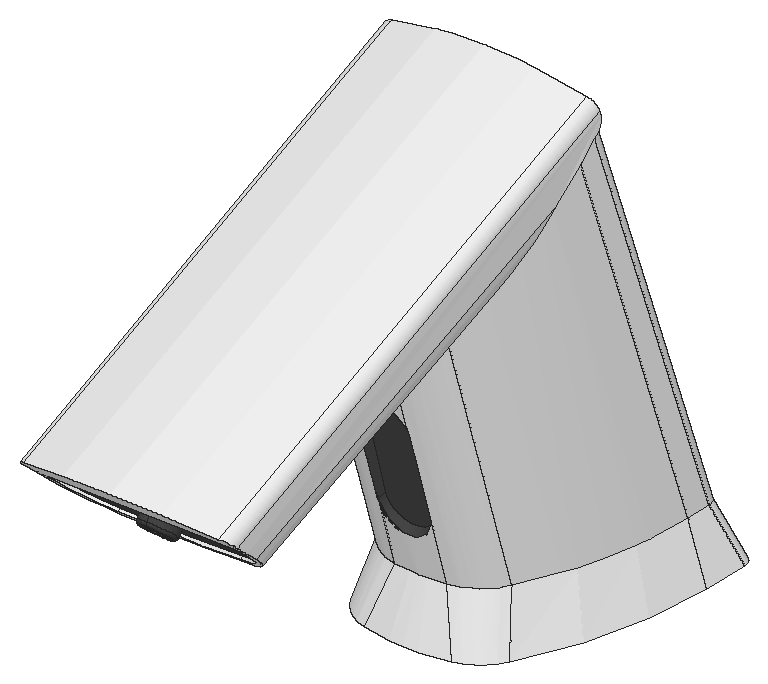
Revit family "XSoap_Dispenser-Sloan-Optima-BASYS-ESD-400_Series", category Specialty Equipment, Revit 2014
Parameters (values of type "ESD-400A CP")
  Width = 2 1/4"
  Warranty Information = "3 Year Limited Warranty"
  Voltage = 120 V
  URL = "https://www.sloan.com/"
  Product Page URL = "https://www.sloan.com/commercial-bathroom-products/soap-dispensers/no-line/esd-400/esd-400a-cp"
  Product Documentation Link = "https://specifications.sloan.com/cutsheet/3346080"
  Price = "Prices may vary. Please consult Manufacturer Representative for most up-to-date price list."  # constant formula
  Operation = "Sensor Activated"
  Model = "ESD-400A CP"
  Material = "Metal-Sloan-Polished Chrome"
  Manufacturer = "SLOAN"
  Length = 4 1/2"
  Installation Type = "Deck Mounted"
  Height = 4 51/128"
  Finish = Metal-Sloan-Polished Chrome
  Description = "Sensor Activated Electronic Soap Dispenser"
  Default Elevation = 0"
  Creation Date = "09/21/2017"
  Code Number = "3346080"
  Assembly Code = "E1090"
  ADA Compliant = yes
Types (5): name | Product Page URL | Model | Material | Finish | Code Number
  (no name) | "https://www.sloan.com/commercial-bathroom-products/soap-dispensers/no-line/esd-400/esd-400a-cp" | "ESD-400A CP" | "Metal-Sloan-Polished Chrome" | Metal-Sloan-Polished Chrome | "3346080"
  ESD-400A CP | "https://www.sloan.com/commercial-bathroom-products/soap-dispensers/no-line/esd-400/esd-400a-cp" | "ESD-400A CP" | "Metal-Sloan-Polished Chrome" | Metal-Sloan-Polished Chrome | "3346080"
  ESD-400A PVDBN | "https://www.sloan.com/commercial-bathroom-products/soap-dispensers/no-line/esd-400/esd-400a-pvdbn-brushed-nickel" | "ESD-400A PVDBN" | "Metal-Sloan-Brushed Nickel" | Metal-Sloan-Brushed Nickel | "3346081"
  ESD-400A PVDPB | "https://www.sloan.com/commercial-bathroom-products/soap-dispensers/no-line/esd-400/esd-400a-pvdpb-polished-brass" | "ESD-400A PVDPB" | "Metal-Sloan-Polished Brass" | Metal-Sloan-Polished Brass | "3346083"
  ESD-400A PVDSF | "https://www.sloan.com/commercial-bathroom-products/soap-dispensers/no-line/esd-400/esd-400a-pvdsf-brushed-stainless-pvd" | "ESD-400A PVDSF" | "Metal-Sloan-Brushed Stainless" | Metal-Sloan-Brushed Stainless | "3346082"
Reference planes (in)
  plane 1 "Center (Front/Back)": y = 0
  plane 2: z = 0
  plane 3 "Center (Left/Right)": x = 0
  plane 4: y = -1.25
  plane 5: y = 1.25
  plane 6: z = 4.39844
  plane 7: z = 1.88976
  plane 8: y = -4
  plane 9: y = -4.5
  plane 10: x = -1.125
  plane 11: x = 1.125
  plane 12: x = -0.95312
  plane 13: x = 0.95313
  plane 14: y = 0
  plane 15: z = 2.63976
  plane 16: through (0, -177.53606, 17.95701) normal (0, -0.0948, -0.9955)
  plane 17: through (0.94531, -177.44643, 18.89806) normal (0, -0.0948, -0.9955)
  plane 18: through (0, 1.25, 0) normal (0, 0.9397, 0.342)
  plane 19: x = 0.25
  plane 20: x = -0.25
  plane 21: z = 1.85851
  plane 22: z = 0.85851
Forms (in)
  Blend 1, solid, material "Metal-Sloan-Polished Chrome" <- "Finish"
    base sketch origin (-2.96963, -1.07049, -0.01946) x (1, 0, 0) y (0, 1, 0)
      loop
        line (3.96963, 2.32049) -> (1.96963, 2.32049)
        arc (1.96963, 2.32049) -> (1.88124, 2.28387) -> (1.84463, 2.19549) r 0.125
        line (1.84463, 2.19549) -> (1.84463, 1.80852)
        arc (1.84463, 1.80852) -> (1.95083, 0.93886) -> (2.26319, 0.12032) r 3.61384
        arc (2.26319, 0.12032) -> (2.39554, -0.03861) -> (2.58088, -0.13038) r 0.5
        arc (2.58088, -0.13038) -> (2.96921, -0.17951) -> (3.35756, -0.13059) r 1.56256
        arc (3.35756, -0.13059) -> (3.54127, -0.04025) -> (3.67337, 0.11615) r 0.5
        arc (3.67337, 0.11615) -> (3.98768, 0.92319) -> (4.09463, 1.78265) r 3.50693
        line (4.09463, 1.78265) -> (4.09463, 2.19549)
        arc (4.09463, 2.19549) -> (4.05802, 2.28387) -> (3.96963, 2.32049) r 0.125
    top sketch origin (-2.96963, -1.07049, -0.01946) x (1, 0, 0) y (0, 1, 0)
      loop
        arc (2.0165, 1.80852) -> (2.10679, 1.02535) -> (2.3729, 0.28326) r 3.44196
        arc (2.3729, 0.28326) -> (2.52269, 0.10366) -> (2.73777, 0.01183) r 0.5
        arc (2.73777, 0.01183) -> (2.96991, -0.00764) -> (3.20204, 0.01192) r 1.39069
        arc (3.20204, 0.01192) -> (3.4153, 0.10252) -> (3.56482, 0.27954) r 0.5
        arc (3.56482, 0.27954) -> (3.83204, 1.01008) -> (3.92275, 1.78265) r 3.33506
        line (3.92275, 1.78265) -> (3.92275, 2.0135)
        arc (3.92275, 2.0135) -> (3.88614, 2.10189) -> (3.79775, 2.1385) r 0.125
        line (3.79775, 2.1385) -> (2.1415, 2.1385)
        arc (2.1415, 2.1385) -> (2.05312, 2.10189) -> (2.0165, 2.0135) r 0.125
        line (2.0165, 2.0135) -> (2.0165, 1.80852)
    from 0.01946 to 0.51946
  Blend 2, solid, material "Metal-Sloan-Polished Chrome" <- "Finish"
    base sketch origin (0, 0, 0) x (1, 0, 0) y (0, 1, 0)
      loop
        arc (-0.82812, 1.06801) -> (-0.91651, 1.0314) -> (-0.95312, 0.94301) r 0.125
        line (-0.95312, 0.94301) -> (-0.95312, 0.73803)
        arc (-0.95312, 0.73803) -> (-0.86284, -0.04514) -> (-0.59673, -0.78723) r 3.44196
        arc (-0.59673, -0.78723) -> (-0.44694, -0.96682) -> (-0.23186, -1.05866) r 0.5
        arc (-0.23186, -1.05866) -> (0.00028, -1.07812) -> (0.23241, -1.05857) r 1.39069
        arc (0.23241, -1.05857) -> (0.44567, -0.96796) -> (0.59519, -0.79095) r 0.5
        arc (0.59519, -0.79095) -> (0.86241, -0.06041) -> (0.95313, 0.71217) r 3.33506
        line (0.95313, 0.71217) -> (0.95313, 0.94301)
        arc (0.95313, 0.94301) -> (0.91651, 1.0314) -> (0.82813, 1.06801) r 0.125
        line (0.82813, 1.06801) -> (-0.82812, 1.06801)
    top sketch origin (0, 0, 0) x (1, 0, 0) y (0, 1, 0)
      loop
        line (0.82813, -0.3509) -> (-0.82812, -0.3509)
        arc (-0.82812, -0.3509) -> (-0.91651, -0.38751) -> (-0.95312, -0.4759) r 0.125
        line (-0.95312, -0.4759) -> (-0.95312, -0.66338)
        spline (-0.95312, -0.66338) -> (-0.9506, -0.78108) -> (-0.94303, -0.89861) -> (-0.93045, -1.01579) -> (-0.91288, -1.13245) -> (-0.89033, -1.24843) -> (-0.86284, -1.36354) -> (-0.83043, -1.47763) -> (-0.79315, -1.59053) -> (-0.75108, -1.70208) -> (-0.70427, -1.81211) -> (-0.6528, -1.92046) -> (-0.59673, -2.02697)
        spline (-0.59673, -2.02697) -> (-0.57789, -2.05788) -> (-0.55639, -2.08734) -> (-0.53239, -2.11521) -> (-0.50604, -2.1413) -> (-0.4775, -2.16546) -> (-0.44693, -2.18754) -> (-0.4145, -2.20737) -> (-0.3804, -2.22485) -> (-0.34487, -2.23991) -> (-0.30813, -2.25245) -> (-0.27038, -2.26239) -> (-0.23186, -2.26964)
        spline (-0.23186, -2.26964) -> (-0.19345, -2.27495) -> (-0.15488, -2.2793) -> (-0.1162, -2.28269) -> (-0.07742, -2.28511) -> (-0.03859, -2.28656) -> (0.00028, -2.28704) -> (0.03914, -2.28654) -> (0.07798, -2.28508) -> (0.11675, -2.28264) -> (0.15544, -2.27924) -> (0.194, -2.27488) -> (0.23241, -2.26955)
        spline (0.23241, -2.26955) -> (0.27057, -2.26237) -> (0.30797, -2.25255) -> (0.34439, -2.24018) -> (0.37963, -2.22533) -> (0.41346, -2.20809) -> (0.44567, -2.18855) -> (0.47606, -2.16681) -> (0.50447, -2.143) -> (0.53074, -2.11729) -> (0.55472, -2.08983) -> (0.57625, -2.06078) -> (0.59519, -2.0303)
        spline (0.59519, -2.0303) -> (0.65147, -1.9256) -> (0.70315, -1.81902) -> (0.75015, -1.71072) -> (0.7924, -1.60087) -> (0.82984, -1.48964) -> (0.86241, -1.37719) -> (0.89003, -1.26369) -> (0.91268, -1.14931) -> (0.93034, -1.03423) -> (0.94298, -0.91862) -> (0.95059, -0.80265) -> (0.95313, -0.68651)
        line (0.95313, -0.68651) -> (0.95313, -0.4759)
        arc (0.95313, -0.4759) -> (0.91651, -0.38751) -> (0.82813, -0.3509) r 0.125
    from 0.5 to 4.39844
  Revolve 3, solid, material "Plastic-Sloan-Black"
    sketch origin (0, -0.14203, 0.78448) x (0, 0.951057, 0.309017) y (0, -0.309017, 0.951057)
      loop
        line (-3.07055, 2.38388) -> (-3.1044, 2.44036) -> (-3.21011, 2.37933) -> (-3.193, 2.3497)
        arc (-3.193, 2.3497) -> (-3.17504, 2.3358) -> (-3.15248, 2.33847) r 0.03
        line (-3.15248, 2.33847) -> (-3.07055, 2.38388)
      axis (-3.15038, 2.52215) -> (-3.25702, 2.46058)
    angle from 0 to 360
  Extrusion 4, void
    sketch origin (-6, -4.25825, 2.46692) x (0, -0.743145, 0.669131) y (1, 0, 0)
      loop
        line (-0.09497, 6.88541) -> (-0.29821, 6.86637)
        arc (-0.29821, 6.86637) -> (-0.55625, 6.77652) -> (-0.70648, 6.54829) r 0.42557
        spline (-0.70648, 6.54829) -> (-0.72783, 6.45869) -> (-0.74535, 6.36826) -> (-0.75901, 6.27717) -> (-0.76879, 6.18558) -> (-0.77467, 6.09367) -> (-0.77664, 6.00158) -> (-0.77467, 5.9095) -> (-0.76879, 5.81758) -> (-0.75901, 5.72599) -> (-0.74535, 5.6349) -> (-0.72783, 5.54447) -> (-0.70648, 5.45487)
        arc (-0.70648, 5.45487) -> (-0.55636, 5.2256) -> (-0.29821, 5.13363) r 0.42988
        line (-0.29821, 5.13363) -> (-0.09497, 5.1175) -> (-0.09497, 6.88541)
    from -0.04589 to 0.01374
  Extrusion 5, void
    sketch origin (-6, -0.82885, -0.42029) x (0, 1, 0) y (0, 0, 1)
      loop
        line (-2.49455, 2.03492) -> (-3.73046, 3.11173) -> (-3.91681, 3.11173) -> (-3.91681, 2.03492) -> (-2.49455, 2.03492)
    from 5.02072 to 7.07665
  Blend 6, solid, material "Metal-Sloan-Polished Chrome" <- "Finish"
    base sketch origin (0, -3.68064, -0.18882) x (1, 0, 0) y (0, -0.415633, 0.909532)
      loop
        arc (-0.54309, 1.76182) -> (0, 1.70163) -> (0.54309, 1.76182) r 2.48017
        arc (0.54309, 1.76182) -> (0.80033, 1.90981) -> (0.92837, 2.17754) r 0.5
        arc (0.92837, 2.17754) -> (0.9473, 2.35329) -> (0.95301, 2.52997) r 2.3572
        arc (0.95301, 2.52997) -> (0.92925, 2.60264) -> (0.86762, 2.64788) r 0.125
        arc (0.86762, 2.64788) -> (0, 2.78895) -> (-0.86762, 2.64788) r 2.73855
        arc (-0.86762, 2.64788) -> (-0.92925, 2.60264) -> (-0.95301, 2.52997) r 0.125
        arc (-0.95301, 2.52997) -> (-0.9473, 2.35329) -> (-0.92837, 2.17754) r 2.3572
        arc (-0.92837, 2.17754) -> (-0.80033, 1.90981) -> (-0.54309, 1.76182) r 0.5
    top sketch origin (0, -3.68064, -0.18882) x (1, 0, 0) y (0, -0.415633, 0.909532)
      loop
        arc (-0.54309, 1.96179) -> (0, 1.9016) -> (0.54309, 1.96179) r 2.48017
        arc (0.54309, 1.96179) -> (0.80033, 2.10978) -> (0.92837, 2.37751) r 0.5
        arc (0.92837, 2.37751) -> (0.94437, 2.51346) -> (0.95283, 2.65009) r 2.47436
        arc (0.95283, 2.65009) -> (0.93056, 2.72568) -> (0.8675, 2.77292) r 0.125
        arc (0.8675, 2.77292) -> (0, 2.91395) -> (-0.8675, 2.77292) r 2.73855
        arc (-0.8675, 2.77292) -> (-0.93056, 2.72568) -> (-0.95283, 2.65009) r 0.125
        arc (-0.95283, 2.65009) -> (-0.94437, 2.51346) -> (-0.92837, 2.37751) r 2.47436
        arc (-0.92837, 2.37751) -> (-0.80033, 2.10978) -> (-0.54309, 1.96179) r 0.5
    from -4.97562 to -0.40419
  Extrusion 7, void
    sketch origin (0, 0, 1.99219) x (0, 1, 0) y (0, 0, 1)
      loop
        line (-0.36616, 2.44817) -> (-0.26304, 2.16484)
        arc (-0.26304, 2.16484) -> (-0.25423, 2.08505) -> (-0.28315, 2.01016) r 0.16943
        line (-0.28315, 2.01016) -> (-1.73212, 0.67665) -> (0.29027, 1.44621) -> (0.29027, 2.44817) -> (-0.36616, 2.44817)
    from -1.125 to 1.125
  Extrusion 8, void
    sketch origin (0, 1, 1.99219) x (0, 1, 0) y (0, 0, 1)
      loop
        line (-1.26304, 2.16484) -> (-1.36616, 2.44817) -> (-3.32323, 2.44817) -> (-3.32323, 0.13264) -> (-1.28315, 2.01016)
        arc (-1.28315, 2.01016) -> (-1.25423, 2.08505) -> (-1.26304, 2.16484) r 0.16943
    from -1.125 to 1.125
  Blend 9, void
    base sketch origin (0, 0.44225, 0.48446) x (1, 0, 0) y (0, -0.275637, 0.961262)
      loop
        arc (-0.25, 1.04214) -> (0, 0.79214) -> (0.25, 1.04214) r 0.25
        line (0.25, 1.04214) -> (0.25, 1.85857)
        arc (0.25, 1.85857) -> (0, 2.10857) -> (-0.25, 1.85857) r 0.25
        line (-0.25, 1.85857) -> (-0.25, 1.04214)
    top sketch origin (0, 0.44225, 0.48446) x (1, 0, 0) y (0, -0.275637, 0.961262)
      loop
        arc (0.21875, 1.85857) -> (0, 2.07732) -> (-0.21875, 1.85857) r 0.21875
        line (-0.21875, 1.85857) -> (-0.21875, 1.06558)
        arc (-0.21875, 1.06558) -> (0, 0.84683) -> (0.21875, 1.06558) r 0.21875
        line (0.21875, 1.06558) -> (0.21875, 1.85857)
    from 1.50528 to 1.38479
Cuts and joins
  Extrusion 7 cuts Blend 1
  Extrusion 8, Blend 9 cuts Blend 2
  joined: Blend 1, Blend 2
  Extrusion 4, Extrusion 5, Extrusion 7 cuts Blend 6
Lines and regions (in)
  Masking region 1
    outline origin (0, 0, 0) x (1, 0, 0) y (0, 1, 0)
      loop
        line (1, 1.25) -> (-1, 1.25)
        arc (-1, 1.25) -> (-1.08839, 1.21339) -> (-1.125, 1.125) r 0.125
        line (-1.125, 1.125) -> (-1.125, 0.73803)
        arc (-1.125, 0.73803) -> (-1.08177, 0.18075) -> (-0.95312, -0.3632) r 3.61384
        line (-0.95312, -0.3632) -> (-0.95312, -4.28538)
        spline (-0.95312, -4.28538) -> (-0.95214, -4.29523) -> (-0.9503, -4.305) -> (-0.94725, -4.31459) -> (-0.94302, -4.32392) -> (-0.93765, -4.33292) -> (-0.93118, -4.34149) -> (-0.92367, -4.34956) -> (-0.91518, -4.35707) -> (-0.9058, -4.36394) -> (-0.8956, -4.37012) -> (-0.88468, -4.37555) -> (-0.87313, -4.38018)
        spline (-0.87313, -4.38018) -> (-0.73245, -4.41649) -> (-0.58915, -4.44637) -> (-0.44372, -4.46973) -> (-0.2967, -4.48647) -> (-0.14862, -4.49654) -> (0, -4.4999) -> (0.14862, -4.49654) -> (0.29671, -4.48647) -> (0.44373, -4.46973) -> (0.58915, -4.44637) -> (0.73246, -4.41649) -> (0.87313, -4.38018)
        spline (0.87313, -4.38018) -> (0.88468, -4.37555) -> (0.8956, -4.37012) -> (0.9058, -4.36394) -> (0.91518, -4.35707) -> (0.92367, -4.34956) -> (0.93118, -4.34149) -> (0.93765, -4.33292) -> (0.94302, -4.32392) -> (0.94726, -4.31459) -> (0.9503, -4.305) -> (0.95214, -4.29523) -> (0.95276, -4.28538)
        line (0.95276, -4.28538) -> (0.95313, -0.37225)
        arc (0.95313, -0.37225) -> (1.08176, 0.16319) -> (1.125, 0.71217) r 3.50693
        line (1.125, 0.71217) -> (1.125, 1.125)
        arc (1.125, 1.125) -> (1.08839, 1.21339) -> (1, 1.25) r 0.125
  symbolic lines, style "PlumbingFixturesHiddenLines", detail levels medium+fine
    curve 1: spline (0.86761, -0.3032, 0) -> (0.72688, -0.31787, 0) -> (0.58404, -0.32993, 0) -> (0.43952, -0.33935, 0) -> (0.29372, -0.34609, 0) -> (0.14707, -0.35015, 0) -> (0, -0.3515, 0) -> (-0.14707, -0.35015, 0) -> (-0.29372, -0.34609, 0) -> (-0.43952, -0.33935, 0) -> (-0.58404, -0.32993, 0) -> (-0.72688, -0.31787, 0) -> (-0.86761, -0.3032, 0)
    curve 2: arc (-0.86761, -0.3032, 0) -> (-0.92176, -0.31697, 0) -> (-0.95312, -0.3632, 0) r 0.0787
    curve 3: arc (0.95313, -0.37225, 0) -> (0.92483, -0.31982, 0) -> (0.86761, -0.3032, 0) r 0.07712
Dimensions and locks (in)
  plane 5 to plane 4 = 2 1/2"
  plane 1 "Center (Front/Back)" to plane 4 = 1 1/4"
  plane 1 "Center (Front/Back)" to plane 8 = 4"
  "Length": plane 1 "Center (Front/Back)" to plane 9
  plane 7 to level = 1.88976"
  "Height": plane 6 to level
  "Width": plane 11 to plane 10
  plane 13 to plane 12 = 1 29/32"
  aligned and locked: Blend 1 sketch curve to plane 5
Automatic sketch dimensions
  Blend 1 sketch curve to plane 10 = 0"
  Blend 1 sketch curve to plane 11 = 0"
  plane 5 to Blend 1 sketch curve = 0.53783"  (x2)
  Blend 1 sketch curve to plane 10 = 1.25693"  (x2)
  Blend 1 sketch curve to plane 12 = 3/64"
  Blend 1 sketch curve to plane 20 = 0.01435"
  Blend 1 sketch curve to plane 3 "Center (Left/Right)" = 0"  (x2)
  plane 19 to Blend 1 sketch curve = 0.0138"
  plane 13 to Blend 1 sketch curve = 3/64"
  plane 5 to Blend 1 sketch curve = 0.51197"  (x2)
  plane 11 to Blend 1 sketch curve = 1.36384"  (x2)
  Blend 1 sketch curve to plane 1 "Center (Front/Back)" = 0.31256"  (x2)
  Blend 1 sketch curve to plane 4 = 0.53341"
  Blend 1 sketch curve to Blend 1 sketch curve = 0.00014"
  Blend 1 sketch curve to Blend 1 sketch curve = 0"  (x6)
  Blend 1 sketch curve to plane 12 = 0"
  Blend 1 sketch curve to plane 13 = 0"
  plane 12 to Blend 1 sketch curve = 1/8"
  plane 20 to Blend 1 sketch curve = 0.1015"
  Blend 1 sketch curve to plane 19 = 0.10115"
  Blend 1 sketch curve to plane 13 = 1/8"
  plane 1 "Center (Front/Back)" to Blend 1 sketch curve = 0.5656"
  Blend 1 sketch curve to Blend 1 sketch curve = 0.00006"
  Blend 1 sketch curve to Blend 1 sketch curve = 0.23085"
  Blend 2 sketch curve to plane 12 = 0"  (x2)
  Blend 2 sketch curve to plane 13 = 0"  (x2)
  plane 5 to Blend 2 sketch curve = 0.53783"
  Blend 2 sketch curve to plane 10 = 1.25693"
  Blend 2 sketch curve to Blend 2 sketch curve = 1/8"
  plane 20 to Blend 2 sketch curve = 0.1015"
  Blend 2 sketch curve to plane 3 "Center (Left/Right)" = 0"
  Blend 2 sketch curve to plane 19 = 0.10115"
  Blend 2 sketch curve to plane 13 = 1/8"  (x2)
  plane 5 to Blend 2 sketch curve = 0.51197"
  plane 11 to Blend 2 sketch curve = 1.36384"
  Blend 2 sketch curve to plane 1 "Center (Front/Back)" = 0.31256"
  plane 1 "Center (Front/Back)" to Blend 2 sketch curve = 0.5656"
  Blend 2 sketch curve to Blend 2 sketch curve = 0.00006"
  Blend 2 sketch curve to Blend 2 sketch curve = 0.23085"
  Blend 2 sketch curve to Blend 2 sketch curve = 0"  (x3)
  plane 12 to Blend 2 sketch curve = 1/8"
  Blend 2 sketch curve to plane 20 = 0.34673"
  plane 20 to Blend 2 sketch curve = 0.01814"
  Blend 2 sketch curve to plane 19 = 0.01759"
  plane 19 to Blend 2 sketch curve = 0.34519"
  plane 4 to Blend 2 sketch curve = 1.01964"
  Blend 2 sketch curve to Blend 2 sketch curve = 0.00008"
  Blend 2 sketch curve to Blend 2 sketch curve = 0.23925"
  Blend 2 sketch curve to Blend 2 sketch curve = 0.24266"
  Blend 2 sketch curve to plane 4 = 0.56349"
  Blend 2 sketch curve to plane 4 = 0.58662"
  Blend 2 sketch curve to Blend 2 sketch curve = 0.21061"
  Revolve 3 sketch curve to plane 8 = 0.06972"
  plane 7 to Revolve 3 sketch curve = 0.16562"
  Revolve 3 sketch curve to Revolve 3 sketch curve = 0.0171"
  Revolve 3 sketch curve to Revolve 3 sketch curve = 0.02598"
  Revolve 3 sketch curve to Revolve 3 sketch curve = 0.01454"
  Revolve 3 sketch curve to Revolve 3 sketch curve = 0.06263"
  Revolve 3 sketch curve to Revolve 3 sketch curve = 0.03385"
  Revolve 3 sketch curve to Revolve 3 sketch curve = 0.01463"
  Revolve 3 sketch curve to Revolve 3 sketch curve = 0.015"
  Revolve 3 sketch curve to Revolve 3 sketch curve = 0.05648"
  Revolve 3 sketch curve to Revolve 3 sketch curve = 0.00917"
  Revolve 3 sketch curve to Revolve 3 sketch curve = 0.04"
  Revolve 3 sketch curve to Revolve 3 sketch curve = 0.10304"
  Revolve 3 sketch curve to Revolve 3 sketch curve = 0.02309"
  plane 19 to Extrusion 4 sketch curve = 0.29829"
  Extrusion 4 sketch curve to plane 13 = 0.08676"
  Extrusion 4 sketch curve to Extrusion 4 sketch curve = 0.40827"  (x2)
  plane 12 to Extrusion 4 sketch curve = 0.08676"
  plane 19 to Extrusion 4 sketch curve = 0.19081"
  Extrusion 4 sketch curve to plane 20 = 0.18656"
  Extrusion 4 sketch curve to Extrusion 4 sketch curve = 0.00767"
  plane 12 to Extrusion 4 sketch curve = 0.07062"
  Extrusion 4 sketch curve to Extrusion 4 sketch curve = 0.20324"
  Extrusion 4 sketch curve to plane 13 = 0.06772"
  plane 9 to Extrusion 5 sketch curve = 0.24566"
  plane 9 to Extrusion 5 sketch curve = 0.05931"
  Extrusion 5 sketch curve to plane 21 = 0.24389"
  Extrusion 5 sketch curve to plane 8 = 0.6766"
  plane 15 to Extrusion 5 sketch curve = 0.05168"
  Blend 6 sketch curve to plane 3 "Center (Left/Right)" = 0"  (x4)
  Blend 6 sketch curve to plane 20 = 47/256"  (x2)
  plane 12 to Blend 6 sketch curve = 0.12511"
  Blend 6 sketch curve to plane 10 = 0.27915"
  plane 19 to Blend 6 sketch curve = 47/256"  (x2)
  Blend 6 sketch curve to plane 13 = 0.12511"
  plane 11 to Blend 6 sketch curve = 0.27915"
  Blend 6 sketch curve to Blend 6 sketch curve = 2.19929"
  Blend 6 sketch curve to Blend 6 sketch curve = 0"  (x14)
  Blend 6 sketch curve to Blend 6 sketch curve = 0.268"  (x2)
  Blend 6 sketch curve to Blend 6 sketch curve = 0.27963"  (x2)
  Blend 6 sketch curve to Blend 6 sketch curve = 1.65248"
  Blend 6 sketch curve to plane 20 = 0.29309"  (x2)
  plane 12 to Blend 6 sketch curve = 0.08551"
  plane 12 to Blend 6 sketch curve = 0.12522"
  Blend 6 sketch curve to plane 10 = 0.39509"
  Blend 6 sketch curve to plane 13 = 0.12522"
  plane 11 to Blend 6 sketch curve = 0.39509"
  Blend 6 sketch curve to Blend 6 sketch curve = 2.27426"
  Blend 6 sketch curve to Blend 6 sketch curve = 0.2047"  (x2)
  Blend 6 sketch curve to Blend 6 sketch curve = 0.0802"  (x2)
  Blend 6 sketch curve to Blend 6 sketch curve = 1.72741"
  plane 12 to Blend 6 sketch curve = 0.08563"
  Extrusion 7 sketch curve to plane 18 = 0"  (x2)
  plane 15 to Extrusion 7 sketch curve = 0.02907"
  plane 4 to Extrusion 7 sketch curve = 0.48212"
  Extrusion 7 sketch curve to plane 6 = 0.29935"
  plane 1 "Center (Front/Back)" to Extrusion 7 sketch curve = 0.42224"
  plane 6 to Extrusion 7 sketch curve = 0.04192"
  Extrusion 7 sketch curve to Extrusion 7 sketch curve = 0.13909"
  Extrusion 7 sketch curve to plane 6 = 0.24141"
  Extrusion 7 sketch curve to plane 1 "Center (Front/Back)" = 0.29027"
  plane 15 to Extrusion 7 sketch curve = 0.79864"
  Extrusion 8 sketch curve to plane 18 = 0"  (x2)
  plane 7 to Extrusion 8 sketch curve = 0.23506"
  plane 4 to Extrusion 8 sketch curve = 1.07323"
  Extrusion 8 sketch curve to plane 6 = 0.29935"
  plane 1 "Center (Front/Back)" to Extrusion 8 sketch curve = 0.42224"
  plane 6 to Extrusion 8 sketch curve = 0.04192"
  Extrusion 8 sketch curve to Extrusion 8 sketch curve = 0.13909"
  Extrusion 8 sketch curve to plane 6 = 0.24141"
  Blend 9 sketch curve to plane 20 = 0"
  Blend 9 sketch curve to plane 3 "Center (Left/Right)" = 0"  (x2)
  Blend 9 sketch curve to Blend 9 sketch curve = 0.81643"
  plane 20 to Blend 9 sketch curve = 1/32"
  Blend 9 sketch curve to Blend 9 sketch curve = 0.79299"
  Masking region 1 sketch curve to plane 10 = 0"
  plane 5 to Masking region 1 sketch curve = 0"
  Masking region 1 sketch curve to plane 12 = 0"
  Masking region 1 sketch curve to plane 13 = 0"
  Masking region 1 sketch curve to plane 11 = 0"
  plane 5 to Masking region 1 sketch curve = 0.53783"
  Masking region 1 sketch curve to plane 10 = 1.25693"
  Masking region 1 sketch curve to plane 12 = 3/64"
  plane 13 to Masking region 1 sketch curve = 3/64"
  plane 5 to Masking region 1 sketch curve = 0.51197"
  plane 11 to Masking region 1 sketch curve = 1.36384"
  Masking region 1 sketch curve to Masking region 1 sketch curve = 0.00037"
  plane 12 to Masking region 1 sketch curve = 0.08"
  Masking region 1 sketch curve to Masking region 1 sketch curve = 0.05945"
  Masking region 1 sketch curve to plane 3 "Center (Left/Right)" = 0"
  Masking region 1 sketch curve to plane 13 = 0.13944"
  Masking region 1 sketch curve to plane 13 = 0.07999"
  Masking region 1 sketch curve to plane 13 = 0.00037"
  plane 11 to Masking region 1 sketch curve = 1.35496"
  Masking region 1 sketch curve to plane 8 = 1.36991"
  Masking region 1 sketch curve to plane 9 = 0.21462"  (x2)
  Masking region 1 sketch curve to Masking region 1 sketch curve = 0"  (x2)
  Masking region 1 sketch curve to Masking region 1 sketch curve = 0.0948"
  curve 2 to plane 12 = 0"
  curve 1 to plane 3 "Center (Left/Right)" = 0"
  curve 3 to plane 13 = 0"
  plane 12 to curve 2 = 0.07657"
  curve 3 to plane 13 = 0.07675"
  plane 1 "Center (Front/Back)" to curve 3 = 0.37982"
  curve 1 to plane 1 "Center (Front/Back)" = 0.58427"
  curve 1 to plane 10 = 1.61099"
  curve 2 to curve 1 = 0.00894"
  curve 3 to curve 3 = 0.00876"
  curve 3 to curve 3 = 0.00757"
  curve 2 to curve 2 = 0.01819"
